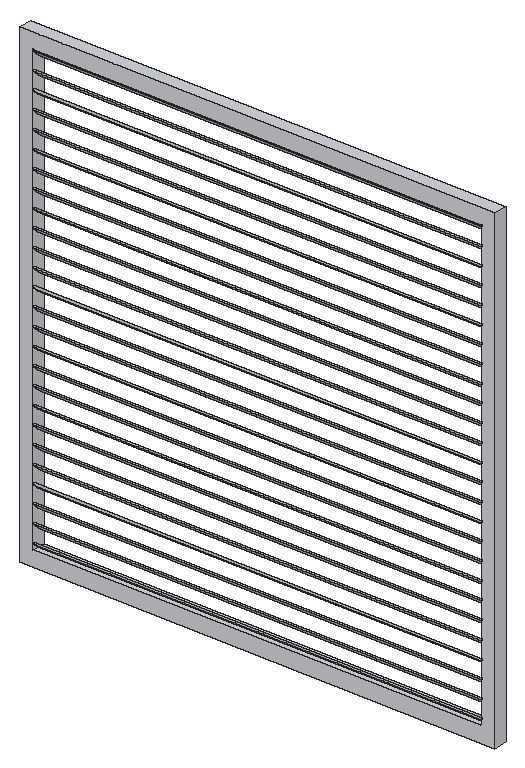
Revit family "НЕВАТОМ_Решетка для клапана KD_20220407", category Воздухораспределители, Revit 2017
Family settings
  Размер круглого соединителя = Использовать диаметр
  Тип детали = Нормальный
  На основе рабочей плоскости = Нет
  Всегда вертикально = Нет
  При загрузке вырезать с полостями = Нет
  Общий = Нет
  Точка расчета площади = Нет
Parameters (values of type "1000x1000")
  Расход [instance] = 0.0 L/s
  Материал = Материал корпуса
  t = 2 mm  # constant formula
  Nevatom_URL = "https://t.me/NEVATOM_Bim_bot"
  C = 35 mm
  N = 26
  L = 30 mm
  B1 = B + 100 mm  # 1100 mm
  B = A  # 1000 mm
  ADSK_Размер_Ширина = L  # 30 mm
  ADSK_Размер_Длина = A1  # 1090 mm
  ADSK_Размер_Высота = B1  # 1100 mm
  ADSK_Материал наименование = "Оцинкованная сталь"  # constant formula
  A1 = A + 90 mm  # 1090 mm
  A-60 = A1 - 60 mm  # 1030 mm
  A = 1000 mm
  ADSK_Расход воздуха = 0.0 L/s
  ADSK_Примечание = ""
  ADSK_Потеря давления воздуха = 0.0 Pa
  ADSK_Позиция = ""
  ADSK_Наименование = "РЕШЕТКА"
  ADSK_Масса_Текст = "0,225 кг"
  ADSK_Масса = 0.225
  ADSK_Марка = "KD-1000Х1000-30-ОЦ.-1,0-RAL6029"
  ADSK_Код изделия = ""
  ADSK_Завод-изготовитель = "NEVATOM"
  ADSK_Единица измерения = "шт"
Types (27, lengths in mm): name | C | N | B1 | B | ADSK_Размер_Длина | ADSK_Размер_Высота | A1 | A-60 | A | ADSK_Масса_Текст | ADSK_Масса | ADSK_Марка
  200x200 | 35 | 6 | 300 | 200 | 290 | 300 | 290 | 230 | 200 | "0,050 кг" | 0.05 | "KD-200Х200-30-ОЦ.-1,0-RAL6029"
  250x250 | 35 | 7 | 350 | 250 | 340 | 350 | 340 | 280 | 250 | "0,061 кг" | 0.061 | "KD-250Х250-30-ОЦ.-1,0-RAL6029"
  300x300 | 25 | 9 | 400 | 300 | 390 | 400 | 390 | 330 | 300 | "0,072 кг" | 0.072 | "KD-300Х300-30-ОЦ.-1,0-RAL6029"
  350x350 | 30 | 10 | 450 | 350 | 440 | 450 | 440 | 380 | 350 | "0,083 кг" | 0.083 | "KD-350Х350-30-ОЦ.-1,0-RAL6029"
  400x400 | 35 | 11 | 500 | 400 | 490 | 500 | 490 | 430 | 400 | "0,094 кг" | 0.094 | "KD-400Х400-30-ОЦ.-1,0-RAL6029"
  450x450 | 40 | 12 | 550 | 450 | 540 | 550 | 540 | 480 | 450 | "0,105 кг" | 0.105 | "KD-450Х450-30-ОЦ.-1,0-RAL6029"
  500x500 | 25 | 14 | 600 | 500 | 590 | 600 | 590 | 530 | 500 | "0,116 кг" | 0.116 | "KD-500Х500-30-ОЦ.-1,0-RAL6029"
  550x550 | 30 | 15 | 650 | 550 | 640 | 650 | 640 | 580 | 550 | "0,126 кг" | 0.126 | "KD-550Х550-30-ОЦ.-1,0-RAL6029"
  600x600 | 35 | 16 | 700 | 600 | 690 | 700 | 690 | 630 | 600 | "0,137 кг" | 0.137 | "KD-600Х600-30-ОЦ.-1,0-RAL6029"
  650x650 | 40 | 17 | 750 | 650 | 740 | 750 | 740 | 680 | 650 | "0,148 кг" | 0.148 | "KD-650Х650-30-ОЦ.-1,0-RAL6029"
  700x700 | 45 | 18 | 800 | 700 | 790 | 800 | 790 | 730 | 700 | "0,159 кг" | 0.159 | "KD-700Х700-30-ОЦ.-1,0-RAL6029"
  750x750 | 30 | 20 | 850 | 750 | 840 | 850 | 840 | 780 | 750 | "0,170 кг" | 0.17 | "KD-750Х750-30-ОЦ.-1,0-RAL6029"
  800x800 | 35 | 21 | 900 | 800 | 890 | 900 | 890 | 830 | 800 | "0,181 кг" | 0.181 | "KD-800Х800-30-ОЦ.-1,0-RAL6029"
  850x850 | 40 | 22 | 950 | 850 | 940 | 950 | 940 | 880 | 850 | "0,192 кг" | 0.192 | "KD-850Х850-30-ОЦ.-1,0-RAL6029"
  900x900 | 45 | 23 | 1000 | 900 | 990 | 1000 | 990 | 930 | 900 | "0,203 кг" | 0.203 | "KD-900Х900-30-ОЦ.-1,0-RAL6029"
  950x950 | 30 | 25 | 1050 | 950 | 1040 | 1050 | 1040 | 980 | 950 | "0,214 кг" | 0.214 | "KD-950Х950-30-ОЦ.-1,0-RAL6029"
  1000x1000 | 35 | 26 | 1100 | 1000 | 1090 | 1100 | 1090 | 1030 | 1000 | "0,225 кг" | 0.225 | "KD-1000Х1000-30-ОЦ.-1,0-RAL6029"
  1050x1050 | 40 | 27 | 1150 | 1050 | 1140 | 1150 | 1140 | 1080 | 1050 | "0,110 кг" | 0.11 | "KD-1050Х1050-30-ОЦ.-1,0-RAL6029"
  1100x1100 | 45 | 28 | 1200 | 1100 | 1190 | 1200 | 1190 | 1130 | 1100 | "0,116 кг" | 0.116 | "KD-1100Х1100-30-ОЦ.-1,0-RAL6029"
  1150x1150 | 30 | 30 | 1250 | 1150 | 1240 | 1250 | 1240 | 1180 | 1150 | "0,121 кг" | 0.121 | "KD-1150Х1150-30-ОЦ.-1,0-RAL6029"
  1200x1200 | 35 | 31 | 1300 | 1200 | 1290 | 1300 | 1290 | 1230 | 1200 | "0,126 кг" | 0.126 | "KD-1200Х1200-30-ОЦ.-1,0-RAL6029"
  1250x1250 | 35 | 32 | 1350 | 1250 | 1340 | 1350 | 1340 | 1280 | 1250 | "0,132 кг" | 0.132 | "KD-1250Х1250-30-ОЦ.-1,0-RAL6029"
  1300x1300 | 45 | 33 | 1400 | 1300 | 1390 | 1400 | 1390 | 1330 | 1300 | "0,137 кг" | 0.137 | "KD-1300Х1300-30-ОЦ.-1,0-RAL6029"
  1350x1350 | 30 | 35 | 1450 | 1350 | 1440 | 1450 | 1440 | 1380 | 1350 | "0,143 кг" | 0.143 | "KD-1350Х1350-30-ОЦ.-1,0-RAL6029"
  1400x1400 | 35 | 36 | 1500 | 1400 | 1490 | 1500 | 1490 | 1430 | 1400 | "0,148 кг" | 0.148 | "KD-1400Х1400-30-ОЦ.-1,0-RAL6029"
  1450x1450 | 40 | 37 | 1550 | 1450 | 1540 | 1550 | 1540 | 1480 | 1450 | "0,154 кг" | 0.154 | "KD-1450Х1450-30-ОЦ.-1,0-RAL6029"
  1500x1500 | 45 | 38 | 1600 | 1500 | 1590 | 1600 | 1590 | 1530 | 1500 | "0,159 кг" | 0.159 | "KD-1500Х1500-30-ОЦ.-1,0-RAL6029"
Reference planes
  plane 1 "По центру (Вперед/Назад)": y = 0
  plane 2: z = -550
  plane 3 "По центру (Влево/Вправо)": x = 0
  plane 4: y = 15
  plane 5: y = -15
  plane 6: x = -545
  plane 7: x = 545
  plane 8: z = 515
  plane 9: z = 550
  plane 10: y = -430
  plane 11: y = 430
  plane 12: z = -515
  plane 13: x = -515
  plane 14: x = 515
Forms (mm)
  Extrusion 1, solid
    sketch origin (0, 0, 0) x (1, 0, 0) y (0, 0, 1)
      loop
        line (-545, 550) -> (-545, -550) -> (545, -550) -> (545, 550) -> (-545, 550)
      loop
        line (-515, 515) -> (-515, -515) -> (515, -515) -> (515, 515) -> (-515, 515)
    from -15 to 15
Dimensions and locks
  equal spacing: plane 4, plane 1 "По центру (Вперед/Назад)", plane 5
  equal spacing: plane 6, plane 3 "По центру (Влево/Вправо)", plane 7
  plane 5 to plane 1 "По центру (Вперед/Назад)" to plane 4 = 15 mm, 15 mm
  plane 8 to level to plane 12 = 515 mm, 515 mm
  plane 12 to plane 2 = 35 mm
  equal spacing: plane 8, level, plane 12
  equal spacing: plane 14, plane 3 "По центру (Влево/Вправо)", plane 13
  equal spacing: plane 7, plane 3 "По центру (Влево/Вправо)", plane 6
  "A1": plane 7 to plane 6
  locked: plane 13 to plane 6 at 30
  plane 7 to plane 14 = 30 mm
  "C": plane 9 to plane 8
  "C": plane 12 to plane 2
  plane 8 to plane 12 = 1030 mm
  "B1": plane 9 to plane 2
  plane 9 to level to plane 2 = 550 mm, 550 mm
  "L": plane 4 to plane 5
  equal spacing: nested 1, plane 3 "По центру (Влево/Вправо)", nested 1
  plane 13 to plane 14 = 1030 mm
  nested 2 to nested 2 = 1030 mm
  equal spacing: group 1, group 3, group 4, group 5, group 6, group 7, group 8, group 9, group 10, group 11, group 12, group 13, group 14, group 15, group 16, group 17, group 18, group 19, group 20, group 21, group 22, group 23, group 24, group 25, group 26, group 2  (x3)
  nested 3 to nested 3 = 1030 mm
  nested 4 to nested 4 = 1030 mm
  nested 5 to nested 5 = 1030 mm
  nested 6 to nested 6 = 1030 mm
  nested 7 to nested 7 = 1030 mm
  nested 8 to nested 8 = 1030 mm
  nested 9 to nested 9 = 1030 mm
  nested 10 to nested 10 = 1030 mm
  nested 11 to nested 11 = 1030 mm
  nested 12 to nested 12 = 1030 mm
  nested 13 to nested 13 = 1030 mm
  nested 14 to nested 14 = 1030 mm
  nested 15 to nested 15 = 1030 mm
  nested 16 to nested 16 = 1030 mm
  nested 17 to nested 17 = 1030 mm
  nested 18 to nested 18 = 1030 mm
  nested 19 to nested 19 = 1030 mm
  nested 20 to nested 20 = 1030 mm
  nested 21 to nested 21 = 1030 mm
  nested 22 to nested 22 = 1030 mm
  nested 23 to nested 23 = 1030 mm
  nested 24 to nested 24 = 1030 mm
  nested 25 to nested 25 = 1030 mm
  nested 27 to nested 27 = 1030 mm
  aligned and locked: Extrusion 1 sketch curve to plane 9
  aligned and locked: plane 6 to Extrusion 1 sketch curve
  aligned and locked: plane 2 to Extrusion 1 sketch curve
  aligned and locked: Extrusion 1 sketch curve to plane 7
  aligned and locked: Extrusion 1 sketch curve to plane 8
  aligned and locked: plane 13 to Extrusion 1 sketch curve
  aligned and locked: plane 12 to Extrusion 1 sketch curve
  aligned and locked: Extrusion 1 sketch curve to plane 14
  aligned and locked: plane 4 to Extrusion 1
  aligned and locked: Extrusion 1 to plane 5
  aligned and locked: nested 1 to plane 5
  aligned and locked: nested 2 to plane 8
  aligned and locked: plane 12 to nested 1
  aligned and locked: nested 26 to Extrusion 1
  aligned and locked: Extrusion 1 to nested 26  (x2)
Nested families
  nested 1: "Семейство1" at (0, -15, -497.05), type "Семейство1"
    with A 1030 mm
  nested 2: "Семейство1" at (0, -15, 515), type "Семейство1"
    with A 1030 mm
  nested 3: "Семейство1" at (0, -15, -456.568), type "Семейство1"
    with A 1030 mm
  nested 4: "Семейство1" at (0, -15, -416.086), type "Семейство1"
    with A 1030 mm
  nested 5: "Семейство1" at (0, -15, -375.604), type "Семейство1"
    with A 1030 mm
  nested 6: "Семейство1" at (0, -15, -335.122), type "Семейство1"
    with A 1030 mm
  nested 7: "Семейство1" at (0, -15, -294.64), type "Семейство1"
    with A 1030 mm
  nested 8: "Семейство1" at (0, -15, -254.158), type "Семейство1"
    with A 1030 mm
  nested 9: "Семейство1" at (0, -15, -213.676), type "Семейство1"
    with A 1030 mm
  nested 10: "Семейство1" at (0, -15, -173.194), type "Семейство1"
    with A 1030 mm
  nested 11: "Семейство1" at (0, -15, -132.712), type "Семейство1"
    with A 1030 mm
  nested 12: "Семейство1" at (0, -15, -92.23), type "Семейство1"
    with A 1030 mm
  nested 13: "Семейство1" at (0, -15, -51.748), type "Семейство1"
    with A 1030 mm
  nested 14: "Семейство1" at (0, -15, -11.266), type "Семейство1"
    with A 1030 mm
  nested 15: "Семейство1" at (0, -15, 29.216), type "Семейство1"
    with A 1030 mm
  nested 16: "Семейство1" at (0, -15, 69.698), type "Семейство1"
    with A 1030 mm
  nested 17: "Семейство1" at (0, -15, 110.18), type "Семейство1"
    with A 1030 mm
  nested 18: "Семейство1" at (0, -15, 150.662), type "Семейство1"
    with A 1030 mm
  nested 19: "Семейство1" at (0, -15, 191.144), type "Семейство1"
    with A 1030 mm
  nested 20: "Семейство1" at (0, -15, 231.626), type "Семейство1"
    with A 1030 mm
  nested 21: "Семейство1" at (0, -15, 272.108), type "Семейство1"
    with A 1030 mm
  nested 22: "Семейство1" at (0, -15, 312.59), type "Семейство1"
    with A 1030 mm
  nested 23: "Семейство1" at (0, -15, 353.072), type "Семейство1"
    with A 1030 mm
  nested 24: "Семейство1" at (0, -15, 393.554), type "Семейство1"
    with A 1030 mm
  nested 25: "Семейство1" at (0, -15, 434.036), type "Семейство1"
    with A 1030 mm
  nested 26: "НЕВАТОМ_QR-AxB" at (-532.5, -2.5, 550), type "Nevatom_Logo_25x25", not visible
  nested 27: "Семейство1" at (0, -15, 474.518), type "Семейство1"
    with A 1030 mm
Connectors
  hvac at (0, -15, 0), driven by "B", driven by "A", driven by "Расход"
    settings: on Extrusion 1, index 1, duct flow 0.0 L/s, flow factor 0, pres drop 0.0 Pa, loss coef 0, conn angle 0.00°, conn width 1000 mm, conn height 1000 mm, conn diameter 609.6 mm, duct sys type 29, conn prof type 1, flow config 1, flow direction 0, loss method 0, conn ref index -1, conn util no, is conn primary yes, conn desc ""
Definition of nested family "Семейство1"
  Parameters (values of type "Семейство1")
    t = 3 mm
    l = 30 mm
    A = 200 mm
  Reference planes
    plane 1 "По центру (Вперед/Назад)": y = 0
    plane 2: z = 0
    plane 3 "По центру (Влево/Вправо)": x = 0
    plane 4: through (0, 0, 0) normal (0, -0.7071, -0.7071)
    plane 5: through (0, -46.298, -77.955) normal (0, 0.7071, -0.7071)
    plane 6: x = -100
    plane 7: x = 100
    plane 8: through (0, -5.385, 5.385) normal (0, -0.7071, 0.7071)
  Forms (mm)
    Extrusion 1, solid
      sketch origin (0, 0, 0) x (0, 1, 0) y (0, 0, 1)
        loop
          line (15.828, -15.828) -> (0, 0) -> (0, -4.243) -> (13.707, -17.95) -> (15.828, -15.828)
      from -100 to 100
  Dimensions and locks
    "t": Extrusion 1 sketch curve to plane 4
    equal spacing: plane 6, plane 3 "По центру (Влево/Вправо)", plane 7
    "A": plane 6 to plane 7
    locked: level to plane 4 (angle 45.00°)
    locked: plane 5 to level (angle 45.00°)
    aligned and locked: level to plane 2
    aligned and locked: plane 5 to Extrusion 1 sketch curve
    aligned and locked: plane 1 "По центру (Вперед/Назад)" to Extrusion 1 sketch curve
    aligned and locked: Extrusion 1 to plane 6
    aligned and locked: plane 7 to Extrusion 1
  Automatic sketch dimensions
    plane 4 to Extrusion 1 sketch curve = 0 mm
Definition of nested family "НЕВАТОМ_QR-AxB"
  Parameters (values of type "Nevatom_Logo_25x25")
    Logo_Image = none
    L = 2 mm
    B = A  # 25 mm
    A = 25 mm
  Types (5, lengths in mm): name | B | A
    (no name) | 25 | 25
    Nevatom_Logo_200x200 | 200 | 200
    Nevatom_Logo_100x100 | 100 | 100
    Nevatom_Logo_50x50 | 50 | 50
    Nevatom_Logo_25x25 | 25 | 25
  Reference planes
    plane 1 "По центру (Вперед/Назад)": y = 0
    plane 2: z = 0
    plane 3 "По центру (Влево/Вправо)": x = 0
    plane 4: x = -12.5
    plane 5: x = 12.5
    plane 6: y = 12.5
    plane 7: y = -12.5
  Forms (mm)
    Extrusion 1, solid, material <- "Logo_Image"
      sketch origin (0, 0, 0) x (1, 0, 0) y (0, 1, 0)
        loop
          line (-12.5, 12.5) -> (-12.5, -12.5) -> (12.5, -12.5) -> (12.5, 12.5) -> (-12.5, 12.5)
      from 0 to 2 <- "L"
  Lines and regions (mm)
    reference lines
      curve 1: line (-12.5, 12.5, 0) -> (12.5, 12.5, 0)
      curve 2: line (12.5, 12.5, 0) -> (12.5, -12.5, 0)
      curve 3: line (12.5, -12.5, 0) -> (-12.5, -12.5, 0)
      curve 4: line (-12.5, -12.5, 0) -> (-12.5, 12.5, 0)
  Dimensions and locks
    equal spacing: plane 4, plane 3 "По центру (Влево/Вправо)", plane 5
    "A": plane 4 to plane 5
    equal spacing: plane 6, plane 1 "По центру (Вперед/Назад)", plane 7
    "B": plane 6 to plane 7
    aligned and locked: level to plane 2
    aligned and locked: plane 6 to curve 1
    aligned and locked: plane 4 to curve 4
    aligned and locked: plane 5 to curve 2
    aligned and locked: plane 7 to curve 3
    aligned and locked: Extrusion 1 sketch curve to curve 1
    aligned and locked: Extrusion 1 sketch curve to curve 4
    aligned and locked: Extrusion 1 sketch curve to curve 3
    aligned and locked: Extrusion 1 sketch curve to curve 2
